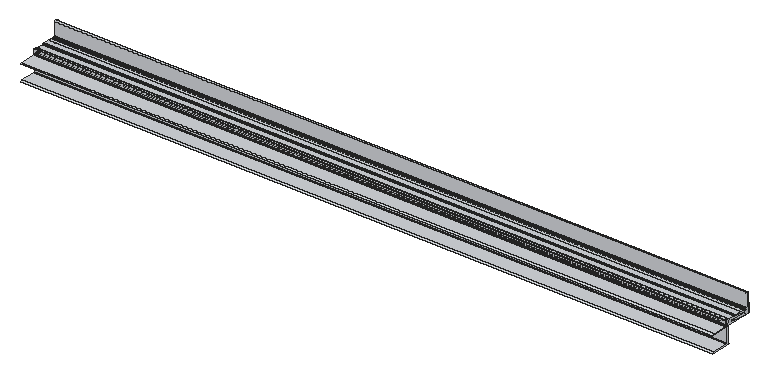
Revit family "Novojunta Pro Metal 80", category Modelos genéricos, Revit 2024
Family settings
  Puede alojar armadura = No
  Cota de conector redondo = Usar diámetro
  Tipo de pieza = Normal
  Corte con vacíos al cargar = No
  Mantener orientación de anotación = No
  Compartido = No
  Punto de cálculo de habitación = No
Parameters
  Posición Junta [instance] = Enrasada/Perimetral : Perimetral
  Perimetral [instance] = Enrasada/Perimetral : Perimetral
  Novojunta Pro Metal 80,  a=80mm, h=80mm, Perimetral [instance] = if(and(Posición Junta = Perimetral, Altura = Altura 80mm), 1 = 1, 1 = 0)  # yes
  Novojunta Pro Metal 80,  a=80mm, h=80mm, Enrasada [instance] = if(and(Posición Junta = Enrasada, Altura = Altura 80mm), 1 = 1, 1 = 0)  # no
  Novojunta Pro Metal 80,  a=80mm, h=50mm, Perimetral [instance] = if(and(Posición Junta = Perimetral, Altura = Altura 50mm), 1 = 1, 1 = 0)  # no
  Novojunta Pro Metal 80, a=80mm, h=50mm, Enrasada [instance] = if(and(Posición Junta = Enrasada, Altura = Altura 50mm), 1 = 1, 1 = 0)  # no
  Novojunta Pro Metal 80,  a=80mm, h=35mm,  Perimetral [instance] = if(and(Posición Junta = Perimetral, Altura = Altura 35mm), 1 = 1, 1 = 0)  # no
  Novojunta Pro Metal 80, a=80mm, h=35mm, Enrasada [instance] = if(and(Posición Junta = Enrasada, Altura = Altura 35mm), 1 = 1, 1 = 0)  # no
  Novojunta Pro Metal 80, a=80mm, h=22mm, Perimetral [instance] = if(and(Posición Junta = Perimetral, Altura = Altura 22mm), 1 = 1, 1 = 0)  # no
  Novojunta Pro Metal 80, a=80mm, h=22mm, Enrasada [instance] = if(and(Posición Junta = Enrasada, Altura = Altura 22mm), 1 = 1, 1 = 0)  # no
  built-in parameter 1001306 [instance] = 2500 mm
  Enrasada [instance] = Enrasada/Perimetral : Enrasada
  Default Elevation = 0 mm
  Anchura [instance] = 80 mm
  Altura 80mm [instance] = Altura : Altura 80mm
  Altura 50mm [instance] = Altura : Altura 50mm
  Altura 35mm [instance] = Altura : Altura 35mm
  Altura 22mm [instance] = Altura : Altura 22mm
  Altura [instance] = Altura : Altura 80mm
Reference planes
  plane 1 "Center (Front/Back)": y = 0
  plane 2: z = 0
  plane 3 "Left": x = 0
  plane 4 "Right": x = 2500
Forms (mm)
  Extrusion 1, solid
    sketch origin (250, 64.526, -14.38) x (0, -1, 0) y (0, 0, 1)
      loop
        line (94.509, -4.862) -> (98.313, -7.512) -> (165.904, -7.512) -> (160.813, -4.712) -> (107.813, -4.712) -> (106.813, -3.712) -> (106.813, 14.488) -> (96.789, 14.488)
        arc (96.789, 14.488) -> (96.293, 14.053) -> (96.66, 13.505) r 0.5
        arc (96.66, 13.505) -> (100.607, 11.194) -> (102.813, 7.188) r 8.608
        line (102.813, 7.188) -> (97.313, 7.188)
        arc (97.313, 7.188) -> (90.941, 5.188) -> (97.313, 3.188) r 3.5
        line (97.313, 3.188) -> (102.813, 3.188)
        arc (102.813, 3.188) -> (99.96, -1.418) -> (94.922, -3.407) r 8.608
        arc (94.922, -3.407) -> (94.197, -3.987) -> (94.509, -4.862) r 0.8
      loop
        line (22.816, -3.197) -> (69.684, 0.326) -> (69.264, 5.91) -> (30.573, 3.002) -> (30.116, 9.085) -> (67.947, 11.929)
        arc (67.947, 11.929) -> (68.406, 12.206) -> (68.234, 12.714) r 0.428
        arc (68.234, 12.714) -> (66.494, 13.799) -> (64.536, 14.406) r 8
        line (64.536, 14.406) -> (21.995, 13.593)
        arc (21.995, 13.593) -> (18.481, 12.735) -> (15.653, 10.481) r 8.408
        line (15.653, 10.481) -> (19.529, 7.763)
        arc (19.529, 7.763) -> (25.883, 5.065) -> (19.364, 2.794) r 3.7
        line (19.364, 2.794) -> (15.225, 0.471)
        arc (15.225, 0.471) -> (18.528, -2.383) -> (22.816, -3.197) r 8.408
      loop
        line (93.811, 13.572) -> (46.943, 10.049) -> (47.355, 4.565) -> (86.054, 7.373) -> (86.503, 1.39) -> (48.672, -1.454)
        arc (48.672, -1.454) -> (48.233, -1.802) -> (48.393, -2.339) r 0.5
        arc (48.393, -2.339) -> (50.132, -3.424) -> (52.09, -4.031) r 8
        line (52.09, -4.031) -> (94.632, -3.218)
        arc (94.632, -3.218) -> (98.145, -2.36) -> (100.974, -0.106) r 8.408
        line (100.974, -0.106) -> (97.098, 2.612)
        arc (97.098, 2.612) -> (90.743, 5.31) -> (97.263, 7.581) r 3.7
        line (97.263, 7.581) -> (101.401, 9.904)
        arc (101.401, 9.904) -> (98.099, 12.758) -> (93.811, 13.572) r 8.408
      loop
        line (19.833, 14.486) -> (13.313, 14.486) -> (12.313, 15.486) -> (12.313, 61.581)
        arc (12.313, 61.581) -> (11.725, 63.964) -> (10.097, 65.799) r 5.122
        arc (10.097, 65.799) -> (9.581, 65.83) -> (9.313, 65.388) r 0.5
        line (9.313, 65.388) -> (9.313, -4.112) -> (19.838, -4.112)
        arc (19.838, -4.112) -> (20.333, -3.677) -> (19.966, -3.129) r 0.5
        arc (19.966, -3.129) -> (16.02, -0.819) -> (13.813, 3.188) r 8.608
        line (13.813, 3.188) -> (19.313, 3.188)
        arc (19.313, 3.188) -> (25.686, 5.188) -> (19.313, 7.188) r 3.5
        line (19.313, 7.188) -> (13.813, 7.188)
        arc (13.813, 7.188) -> (16.018, 11.192) -> (19.962, 13.503) r 8.608
        arc (19.962, 13.503) -> (20.329, 14.052) -> (19.833, 14.486) r 0.5
    from -2250 to 250
  Extrusion 2, solid, visible <- "Novojunta Pro Metal 80, a=80mm, h=22mm, Enrasada"
    sketch origin (250, 64.526, -14.38) x (0, -1, 0) y (0, 0, 1)
      loop
        line (19.838, 14.488) -> (9.813, 14.488) -> (9.813, -3.712) -> (8.813, -4.712) -> (-44.187, -4.712) -> (-49.278, -7.512) -> (18.313, -7.512) -> (22.118, -4.862)
        arc (22.118, -4.862) -> (22.43, -3.987) -> (21.705, -3.407) r 0.8
        arc (21.705, -3.407) -> (16.666, -1.418) -> (13.813, 3.188) r 8.608
        line (13.813, 3.188) -> (19.313, 3.188)
        arc (19.313, 3.188) -> (25.686, 5.188) -> (19.313, 7.188) r 3.5
        line (19.313, 7.188) -> (13.813, 7.188)
        arc (13.813, 7.188) -> (16.02, 11.194) -> (19.966, 13.505) r 8.608
        arc (19.966, 13.505) -> (20.333, 14.053) -> (19.838, 14.488) r 0.5
      loop
        line (94.509, -4.862) -> (98.313, -7.512) -> (165.904, -7.512) -> (160.813, -4.712) -> (107.813, -4.712) -> (106.813, -3.712) -> (106.813, 14.488) -> (96.789, 14.488)
        arc (96.789, 14.488) -> (96.293, 14.053) -> (96.66, 13.505) r 0.5
        arc (96.66, 13.505) -> (100.607, 11.194) -> (102.813, 7.188) r 8.608
        line (102.813, 7.188) -> (97.313, 7.188)
        arc (97.313, 7.188) -> (90.941, 5.188) -> (97.313, 3.188) r 3.5
        line (97.313, 3.188) -> (102.813, 3.188)
        arc (102.813, 3.188) -> (99.96, -1.418) -> (94.922, -3.407) r 8.608
        arc (94.922, -3.407) -> (94.197, -3.987) -> (94.509, -4.862) r 0.8
      loop
        line (22.816, -3.197) -> (69.684, 0.326) -> (69.271, 5.811) -> (30.573, 3.002) -> (30.116, 9.085) -> (67.947, 11.929)
        arc (67.947, 11.929) -> (68.406, 12.206) -> (68.234, 12.714) r 0.428
        arc (68.234, 12.714) -> (66.494, 13.799) -> (64.536, 14.406) r 8
        line (64.536, 14.406) -> (22.025, 13.594)
        arc (22.025, 13.594) -> (18.495, 12.742) -> (15.653, 10.481) r 8.408
        line (15.653, 10.481) -> (19.529, 7.763)
        arc (19.529, 7.763) -> (25.883, 5.065) -> (19.364, 2.794) r 3.7
        line (19.364, 2.794) -> (15.225, 0.471)
        arc (15.225, 0.471) -> (18.528, -2.383) -> (22.816, -3.197) r 8.408
      loop
        line (93.811, 13.572) -> (46.943, 10.049) -> (47.355, 4.565) -> (86.054, 7.373) -> (86.503, 1.39) -> (48.68, -1.553)
        arc (48.68, -1.553) -> (48.221, -1.831) -> (48.393, -2.339) r 0.428
        arc (48.393, -2.339) -> (50.132, -3.424) -> (52.09, -4.031) r 8
        line (52.09, -4.031) -> (94.602, -3.219)
        arc (94.602, -3.219) -> (98.132, -2.367) -> (100.974, -0.106) r 8.408
        line (100.974, -0.106) -> (97.098, 2.612)
        arc (97.098, 2.612) -> (90.743, 5.31) -> (97.263, 7.581) r 3.7
        line (97.263, 7.581) -> (101.401, 9.904)
        arc (101.401, 9.904) -> (98.099, 12.758) -> (93.811, 13.572) r 8.408
    from -2250 to 250
  Extrusion 3, solid, visible <- "Novojunta Pro Metal 80,  a=80mm, h=35mm,  Perimetral"
    sketch origin (250, 63.225, -10.037) x (0, -1, 0) y (0, 0, 1)
      loop
        arc (103.296, -10.174) -> (103.42, -9.396) -> (103.78, -8.696) r 2.5
        line (103.78, -8.696) -> (106.112, -5.516)
        arc (106.112, -5.516) -> (106.472, -4.815) -> (106.596, -4.037) r 2.5
        line (106.596, -4.037) -> (106.596, 10.144) -> (96.072, 10.144)
        arc (96.072, 10.144) -> (95.576, 9.709) -> (95.943, 9.161) r 0.5
        arc (95.943, 9.161) -> (99.89, 6.851) -> (102.096, 2.844) r 8.608
        line (102.096, 2.844) -> (96.596, 2.844)
        arc (96.596, 2.844) -> (90.224, 0.844) -> (96.596, -1.156) r 3.5
        line (96.596, -1.156) -> (102.096, -1.156)
        arc (102.096, -1.156) -> (99.434, -5.597) -> (94.705, -7.707) r 8.608
        arc (94.705, -7.707) -> (94.018, -8.315) -> (94.353, -9.168) r 0.8
        line (94.353, -9.168) -> (98.681, -10.492)
        arc (98.681, -10.492) -> (99.704, -11.215) -> (100.096, -12.404) r 2
        line (100.096, -12.404) -> (100.096, -21.056) -> (97.296, -22.756) -> (97.296, -24.856) -> (168.496, -24.856) -> (162.496, -21.856) -> (105.296, -21.856) -> (103.296, -19.856) -> (103.296, -10.174)
      loop
        arc (66.921, 8.343) -> (65.183, 9.428) -> (63.225, 10.037) r 8
        line (63.225, 10.037) -> (20.683, 9.25)
        arc (20.683, 9.25) -> (17.169, 8.394) -> (14.339, 6.141) r 8.408
        line (14.339, 6.141) -> (18.213, 3.421)
        arc (18.213, 3.421) -> (24.566, 0.719) -> (18.045, -1.547) r 3.7
        line (18.045, -1.547) -> (13.905, -3.868)
        arc (13.905, -3.868) -> (17.206, -6.724) -> (21.493, -7.54) r 8.408
        line (21.493, -7.54) -> (22.989, -7.429) -> (68.363, -4.047) -> (67.947, 1.538) -> (29.255, -1.346) -> (28.801, 4.737) -> (66.634, 7.557)
        arc (66.634, 7.557) -> (67.093, 7.834) -> (66.921, 8.343) r 0.428
      loop
        arc (47.958, -5.868) -> (47.499, -6.146) -> (47.671, -6.654) r 0.428
        arc (47.671, -6.654) -> (49.41, -7.74) -> (51.367, -8.348) r 8
        line (51.367, -8.348) -> (93.909, -7.562)
        arc (93.909, -7.562) -> (97.424, -6.706) -> (100.253, -4.453) r 8.408
        line (100.253, -4.453) -> (96.379, -1.733)
        arc (96.379, -1.733) -> (90.026, 0.969) -> (96.547, 3.236) r 3.7
        line (96.547, 3.236) -> (100.687, 5.557)
        arc (100.687, 5.557) -> (97.386, 8.412) -> (93.099, 9.229) r 8.408
        line (93.099, 9.229) -> (91.603, 9.117) -> (46.229, 5.735) -> (46.638, 0.25) -> (85.33, 3.135) -> (85.784, -2.949) -> (47.958, -5.868)
      loop
        line (18.516, 10.143) -> (11.996, 10.143) -> (10.996, 11.143) -> (10.996, 57.238)
        arc (10.996, 57.238) -> (10.408, 59.62) -> (8.78, 61.456) r 5.122
        arc (8.78, 61.456) -> (8.264, 61.487) -> (7.996, 61.044) r 0.5
        line (7.996, 61.044) -> (7.996, -8.456) -> (18.521, -8.456)
        arc (18.521, -8.456) -> (19.016, -8.021) -> (18.649, -7.473) r 0.5
        arc (18.649, -7.473) -> (14.702, -5.162) -> (12.496, -1.156) r 8.608
        line (12.496, -1.156) -> (17.996, -1.156)
        arc (17.996, -1.156) -> (24.368, 0.844) -> (17.996, 2.844) r 3.5
        line (17.996, 2.844) -> (12.496, 2.844)
        arc (12.496, 2.844) -> (14.701, 6.849) -> (18.645, 9.16) r 8.608
        arc (18.645, 9.16) -> (19.012, 9.708) -> (18.516, 10.143) r 0.5
    from -2250 to 250
  Extrusion 4, solid, visible <- "Novojunta Pro Metal 80, a=80mm, h=35mm, Enrasada"
    sketch origin (250, 63.225, -10.037) x (0, -1, 0) y (0, 0, 1)
      loop
        arc (20.239, -9.168) -> (20.574, -8.315) -> (19.887, -7.707) r 0.8
        arc (19.887, -7.707) -> (15.159, -5.597) -> (12.496, -1.156) r 8.608
        line (12.496, -1.156) -> (17.996, -1.156)
        arc (17.996, -1.156) -> (24.368, 0.844) -> (17.996, 2.844) r 3.5
        line (17.996, 2.844) -> (12.496, 2.844)
        arc (12.496, 2.844) -> (14.702, 6.851) -> (18.649, 9.161) r 8.608
        arc (18.649, 9.161) -> (19.016, 9.709) -> (18.521, 10.144) r 0.5
        line (18.521, 10.144) -> (7.996, 10.144) -> (7.996, -4.037)
        arc (7.996, -4.037) -> (8.12, -4.815) -> (8.48, -5.516) r 2.5
        line (8.48, -5.516) -> (10.812, -8.696)
        arc (10.812, -8.696) -> (11.172, -9.396) -> (11.296, -10.174) r 2.5
        line (11.296, -10.174) -> (11.296, -19.856) -> (9.296, -21.856) -> (-47.904, -21.856) -> (-53.904, -24.856) -> (17.296, -24.856) -> (17.296, -22.756) -> (14.496, -21.056) -> (14.496, -12.404)
        arc (14.496, -12.404) -> (14.888, -11.215) -> (15.911, -10.492) r 2
        line (15.911, -10.492) -> (20.239, -9.168)
      loop
        arc (94.705, -7.707) -> (94.018, -8.315) -> (94.353, -9.168) r 0.8
        line (94.353, -9.168) -> (98.681, -10.492)
        arc (98.681, -10.492) -> (99.704, -11.215) -> (100.096, -12.404) r 2
        line (100.096, -12.404) -> (100.096, -21.056) -> (97.296, -22.756) -> (97.296, -24.856) -> (168.496, -24.856) -> (162.496, -21.856) -> (105.296, -21.856) -> (103.296, -19.856) -> (103.296, -10.174)
        arc (103.296, -10.174) -> (103.42, -9.396) -> (103.78, -8.696) r 2.5
        line (103.78, -8.696) -> (106.112, -5.516)
        arc (106.112, -5.516) -> (106.472, -4.815) -> (106.596, -4.037) r 2.5
        line (106.596, -4.037) -> (106.596, 10.144) -> (96.072, 10.144)
        arc (96.072, 10.144) -> (95.576, 9.709) -> (95.943, 9.161) r 0.5
        arc (95.943, 9.161) -> (99.89, 6.851) -> (102.096, 2.844) r 8.608
        line (102.096, 2.844) -> (96.596, 2.844)
        arc (96.596, 2.844) -> (90.224, 0.844) -> (96.596, -1.156) r 3.5
        line (96.596, -1.156) -> (102.096, -1.156)
        arc (102.096, -1.156) -> (99.434, -5.597) -> (94.705, -7.707) r 8.608
      loop
        arc (66.634, 7.557) -> (67.093, 7.834) -> (66.921, 8.343) r 0.428
        arc (66.921, 8.343) -> (65.183, 9.428) -> (63.225, 10.037) r 8
        line (63.225, 10.037) -> (20.683, 9.25)
        arc (20.683, 9.25) -> (17.169, 8.394) -> (14.339, 6.141) r 8.408
        line (14.339, 6.141) -> (18.213, 3.421)
        arc (18.213, 3.421) -> (24.566, 0.719) -> (18.045, -1.547) r 3.7
        line (18.045, -1.547) -> (13.905, -3.868)
        arc (13.905, -3.868) -> (17.206, -6.724) -> (21.493, -7.54) r 8.408
        line (21.493, -7.54) -> (68.363, -4.047) -> (67.947, 1.538) -> (29.255, -1.346) -> (28.801, 4.737) -> (66.634, 7.557)
      loop
        arc (47.958, -5.868) -> (47.499, -6.146) -> (47.671, -6.654) r 0.428
        arc (47.671, -6.654) -> (49.41, -7.74) -> (51.367, -8.348) r 8
        line (51.367, -8.348) -> (93.879, -7.563)
        arc (93.879, -7.563) -> (97.41, -6.712) -> (100.253, -4.453) r 8.408
        line (100.253, -4.453) -> (96.379, -1.733)
        arc (96.379, -1.733) -> (90.026, 0.969) -> (96.547, 3.236) r 3.7
        line (96.547, 3.236) -> (100.687, 5.557)
        arc (100.687, 5.557) -> (97.386, 8.412) -> (93.099, 9.229) r 8.408
        line (93.099, 9.229) -> (46.229, 5.735) -> (46.638, 0.25) -> (85.33, 3.135) -> (85.791, -3.048) -> (47.958, -5.868)
    from -2250 to 250
  Extrusion 5, solid, visible <- "Novojunta Pro Metal 80,  a=80mm, h=50mm, Perimetral"
    sketch origin (271.946, 58.847, -22.141) x (0, -1, 0) y (0, 0, 1)
      loop
        arc (10.143, -0.339) -> (10.535, 0.851) -> (11.558, 1.574) r 2
        line (11.558, 1.574) -> (15.886, 2.897)
        arc (15.886, 2.897) -> (16.221, 3.751) -> (15.534, 4.358) r 0.8
        arc (15.534, 4.358) -> (10.805, 6.468) -> (8.143, 10.91) r 8.608
        line (8.143, 10.91) -> (13.643, 10.91)
        arc (13.643, 10.91) -> (20.015, 12.91) -> (13.643, 14.91) r 3.5
        line (13.643, 14.91) -> (8.143, 14.91)
        arc (8.143, 14.91) -> (10.349, 18.916) -> (14.296, 21.227) r 8.608
        arc (14.296, 21.227) -> (14.663, 21.775) -> (14.167, 22.21) r 0.5
        line (14.167, 22.21) -> (3.643, 22.21) -> (3.643, 7.967)
        arc (3.643, 7.967) -> (3.75, 7.242) -> (4.063, 6.58) r 2.5
        line (4.063, 6.58) -> (6.223, 3.34)
        arc (6.223, 3.34) -> (6.536, 2.677) -> (6.643, 1.953) r 2.5
        line (6.643, 1.953) -> (6.643, -22.79) -> (4.643, -24.79) -> (-52.257, -24.79) -> (-58.257, -27.79) -> (12.943, -27.79) -> (12.943, -25.69) -> (10.143, -23.99) -> (10.143, -0.339)
      loop
        line (17.153, 4.526) -> (64.017, 8.092) -> (63.6, 13.576) -> (24.912, 10.632) -> (24.449, 16.715) -> (62.278, 19.593)
        arc (62.278, 19.593) -> (62.717, 19.941) -> (62.556, 20.479) r 0.5
        arc (62.556, 20.479) -> (60.816, 21.562) -> (58.857, 22.167) r 8
        line (58.857, 22.167) -> (16.347, 21.316)
        arc (16.347, 21.316) -> (12.817, 20.461) -> (9.978, 18.197) r 8.408
        line (9.978, 18.197) -> (13.856, 15.483)
        arc (13.856, 15.483) -> (20.213, 12.79) -> (13.696, 10.514) r 3.7
        line (13.696, 10.514) -> (9.559, 8.187)
        arc (9.559, 8.187) -> (12.864, 5.336) -> (17.153, 4.526) r 8.408
      loop
        line (87.291, 21.195) -> (40.426, 17.63) -> (40.85, 12.049) -> (79.539, 14.993) -> (79.994, 9.006) -> (42.165, 6.128)
        arc (42.165, 6.128) -> (41.707, 5.85) -> (41.879, 5.342) r 0.428
        arc (41.879, 5.342) -> (43.62, 4.259) -> (45.578, 3.654) r 8
        line (45.578, 3.654) -> (88.119, 4.506)
        arc (88.119, 4.506) -> (91.632, 5.367) -> (94.458, 7.624) r 8.408
        line (94.458, 7.624) -> (90.58, 10.338)
        arc (90.58, 10.338) -> (84.223, 13.031) -> (90.74, 15.307) r 3.7
        line (90.74, 15.307) -> (94.88, 17.636)
        arc (94.88, 17.636) -> (91.583, 20.477) -> (87.291, 21.195) r 8.079
      loop
        line (97.793, 69.305) -> (97.793, 23.21) -> (96.793, 22.21) -> (90.273, 22.21)
        arc (90.273, 22.21) -> (89.777, 21.775) -> (90.144, 21.227) r 0.5
        arc (90.144, 21.227) -> (94.088, 18.916) -> (96.293, 14.911) r 8.608
        line (96.293, 14.911) -> (90.793, 14.911)
        arc (90.793, 14.911) -> (84.421, 12.911) -> (90.793, 10.911) r 3.5
        line (90.793, 10.911) -> (96.293, 10.911)
        arc (96.293, 10.911) -> (94.087, 6.905) -> (90.14, 4.594) r 8.608
        arc (90.14, 4.594) -> (89.773, 4.046) -> (90.269, 3.611) r 0.5
        line (90.269, 3.611) -> (100.793, 3.611) -> (100.793, 73.111)
        arc (100.793, 73.111) -> (100.526, 73.554) -> (100.009, 73.523) r 0.5
        arc (100.009, 73.523) -> (98.381, 71.687) -> (97.793, 69.305) r 5.122
    from -2228.054 to 271.946
  Extrusion 6, solid, visible <- "Novojunta Pro Metal 80, a=80mm, h=50mm, Enrasada"
    sketch origin (251.946, 324.892, -171.289) x (0, -1, 0) y (0, 0, 1)
      loop
        arc (276.188, 148.809) -> (276.58, 149.999) -> (277.603, 150.722) r 2
        line (277.603, 150.722) -> (281.931, 152.045)
        arc (281.931, 152.045) -> (282.266, 152.899) -> (281.579, 153.506) r 0.8
        arc (281.579, 153.506) -> (276.85, 155.616) -> (274.188, 160.058) r 8.608
        line (274.188, 160.058) -> (279.688, 160.058)
        arc (279.688, 160.058) -> (286.06, 162.058) -> (279.688, 164.058) r 3.5
        line (279.688, 164.058) -> (274.188, 164.058)
        arc (274.188, 164.058) -> (276.394, 168.064) -> (280.341, 170.375) r 8.608
        arc (280.341, 170.375) -> (280.708, 170.923) -> (280.212, 171.358) r 0.5
        line (280.212, 171.358) -> (269.688, 171.358) -> (269.688, 157.115)
        arc (269.688, 157.115) -> (269.795, 156.39) -> (270.108, 155.728) r 2.5
        line (270.108, 155.728) -> (272.268, 152.488)
        arc (272.268, 152.488) -> (272.58, 151.825) -> (272.688, 151.101) r 2.5
        line (272.688, 151.101) -> (272.688, 126.358) -> (270.688, 124.358) -> (213.788, 124.358) -> (207.788, 121.358) -> (278.988, 121.358) -> (278.988, 123.458) -> (276.188, 125.158) -> (276.188, 148.809)
      loop
        line (356.045, 152.045) -> (360.373, 150.722)
        arc (360.373, 150.722) -> (361.395, 149.999) -> (361.788, 148.809) r 2
        line (361.788, 148.809) -> (361.788, 125.158) -> (358.988, 123.458) -> (358.988, 121.358) -> (430.188, 121.358) -> (424.188, 124.358) -> (367.288, 124.358) -> (365.288, 126.358) -> (365.288, 151.101)
        arc (365.288, 151.101) -> (365.395, 151.825) -> (365.708, 152.488) r 2.5
        line (365.708, 152.488) -> (367.868, 155.728)
        arc (367.868, 155.728) -> (368.18, 156.39) -> (368.288, 157.115) r 2.5
        line (368.288, 157.115) -> (368.288, 171.358) -> (357.763, 171.358)
        arc (357.763, 171.358) -> (357.268, 170.923) -> (357.635, 170.375) r 0.5
        arc (357.635, 170.375) -> (361.582, 168.064) -> (363.788, 164.058) r 8.608
        line (363.788, 164.058) -> (358.288, 164.058)
        arc (358.288, 164.058) -> (351.915, 162.058) -> (358.288, 160.058) r 3.5
        line (358.288, 160.058) -> (363.788, 160.058)
        arc (363.788, 160.058) -> (361.125, 155.616) -> (356.397, 153.506) r 8.608
        arc (356.397, 153.506) -> (355.71, 152.899) -> (356.045, 152.045) r 0.8
      loop
        line (283.185, 153.673) -> (284.681, 153.785) -> (330.055, 157.167) -> (329.646, 162.652) -> (290.954, 159.767) -> (290.493, 165.95) -> (328.326, 168.77)
        arc (328.326, 168.77) -> (328.785, 169.048) -> (328.613, 169.556) r 0.428
        arc (328.613, 169.556) -> (326.874, 170.642) -> (324.916, 171.25) r 8
        line (324.916, 171.25) -> (282.375, 170.464)
        arc (282.375, 170.464) -> (278.86, 169.608) -> (276.031, 167.355) r 8.408
        line (276.031, 167.355) -> (279.905, 164.635)
        arc (279.905, 164.635) -> (286.258, 161.933) -> (279.737, 159.666) r 3.7
        line (279.737, 159.666) -> (275.597, 157.345)
        arc (275.597, 157.345) -> (278.898, 154.49) -> (283.185, 153.673) r 8.408
      loop
        line (354.79, 170.442) -> (353.295, 170.331) -> (307.921, 166.949) -> (308.337, 161.364) -> (347.029, 164.248) -> (347.475, 158.265) -> (309.65, 155.345)
        arc (309.65, 155.345) -> (309.191, 155.068) -> (309.363, 154.559) r 0.428
        arc (309.363, 154.559) -> (311.101, 153.474) -> (313.059, 152.865) r 8
        line (313.059, 152.865) -> (355.601, 153.652)
        arc (355.601, 153.652) -> (359.115, 154.508) -> (361.945, 156.761) r 8.408
        line (361.945, 156.761) -> (358.07, 159.481)
        arc (358.07, 159.481) -> (351.718, 162.183) -> (358.239, 164.449) r 3.7
        line (358.239, 164.449) -> (362.379, 166.77)
        arc (362.379, 166.77) -> (359.078, 169.626) -> (354.79, 170.442) r 8.408
    from -2248.054 to 251.946
  Extrusion 7, solid, visible <- "Novojunta Pro Metal 80,  a=80mm, h=80mm, Perimetral"
    sketch origin (271.946, 284.653, 182.302) x (0, -1, 0) y (0, 0, 1)
      loop
        line (314.987, -201.503) -> (319.433, -202.862)
        arc (319.433, -202.862) -> (320.456, -203.585) -> (320.849, -204.775) r 2
        line (320.849, -204.775) -> (320.849, -258.433) -> (318.049, -260.133) -> (318.049, -262.233) -> (388.896, -262.233) -> (383.249, -258.233) -> (326.849, -258.233) -> (324.849, -256.233) -> (324.849, -202.531)
        arc (324.849, -202.531) -> (324.967, -201.771) -> (325.311, -201.082) r 2.5
        line (325.311, -201.082) -> (327.586, -197.883)
        arc (327.586, -197.883) -> (327.93, -197.195) -> (328.049, -196.435) r 2.5
        line (328.049, -196.435) -> (328.049, -182.233) -> (317.524, -182.233)
        arc (317.524, -182.233) -> (317.029, -182.668) -> (317.396, -183.216) r 0.5
        arc (317.396, -183.216) -> (321.342, -185.527) -> (323.549, -189.533) r 8.608
        line (323.549, -189.533) -> (318.049, -189.533)
        arc (318.049, -189.533) -> (311.676, -191.533) -> (318.049, -193.533) r 3.5
        line (318.049, -193.533) -> (323.549, -193.533)
        arc (323.549, -193.533) -> (320.642, -198.183) -> (315.517, -200.134) r 8.608
        arc (315.517, -200.134) -> (314.803, -200.644) -> (314.987, -201.503) r 0.8
      loop
        line (314.541, -183.149) -> (267.675, -186.704) -> (268.099, -192.288) -> (306.788, -189.353) -> (307.241, -195.336) -> (269.412, -198.205)
        arc (269.412, -198.205) -> (268.973, -198.554) -> (269.133, -199.091) r 0.5
        arc (269.133, -199.091) -> (270.874, -200.174) -> (272.832, -200.78) r 8
        line (272.832, -200.78) -> (315.373, -199.938)
        arc (315.373, -199.938) -> (318.886, -199.078) -> (321.713, -196.822) r 8.408
        line (321.713, -196.822) -> (317.835, -194.106)
        arc (317.835, -194.106) -> (311.478, -191.413) -> (317.997, -189.138) r 3.7
        line (317.997, -189.138) -> (322.133, -186.811)
        arc (322.133, -186.811) -> (318.829, -183.96) -> (314.541, -183.149) r 8.408
      loop
        line (241.557, -199.917) -> (288.422, -196.362) -> (288.014, -190.978) -> (249.325, -193.912) -> (248.856, -187.73) -> (286.685, -184.861)
        arc (286.685, -184.861) -> (287.125, -184.512) -> (286.964, -183.975) r 0.5
        arc (286.964, -183.975) -> (285.224, -182.891) -> (283.266, -182.286) r 8
        line (283.266, -182.286) -> (240.725, -183.127)
        arc (240.725, -183.127) -> (237.212, -183.988) -> (234.385, -186.244) r 8.408
        line (234.385, -186.244) -> (238.263, -188.959)
        arc (238.263, -188.959) -> (244.619, -191.653) -> (238.101, -193.928) r 3.7
        line (238.101, -193.928) -> (233.964, -196.254)
        arc (233.964, -196.254) -> (237.268, -199.106) -> (241.557, -199.917) r 8.408
      loop
        line (238.569, -182.234) -> (232.049, -182.234) -> (231.049, -181.234) -> (231.049, -135.139)
        arc (231.049, -135.139) -> (230.461, -132.757) -> (228.832, -130.921) r 5.122
        arc (228.832, -130.921) -> (228.316, -130.89) -> (228.049, -131.333) r 0.5
        line (228.049, -131.333) -> (228.049, -200.833) -> (238.573, -200.833)
        arc (238.573, -200.833) -> (239.069, -200.398) -> (238.702, -199.85) r 0.5
        arc (238.702, -199.85) -> (234.755, -197.539) -> (232.549, -193.533) r 8.608
        line (232.549, -193.533) -> (238.049, -193.533)
        arc (238.049, -193.533) -> (244.421, -191.533) -> (238.049, -189.533) r 3.5
        line (238.049, -189.533) -> (232.549, -189.533)
        arc (232.549, -189.533) -> (234.754, -185.528) -> (238.698, -183.217) r 8.608
        arc (238.698, -183.217) -> (239.064, -182.669) -> (238.569, -182.234) r 0.5
    from -2228.054 to 271.946
  Extrusion 8, solid, visible <- "Novojunta Pro Metal 80,  a=80mm, h=80mm, Enrasada"
    sketch origin (271.946, 295.26, 192.909) x (0, -1, 0) y (0, 0, 1)
      loop
        arc (245.855, -215.382) -> (246.248, -214.192) -> (247.271, -213.469) r 2
        line (247.271, -213.469) -> (251.717, -212.11)
        arc (251.717, -212.11) -> (251.901, -211.251) -> (251.187, -210.741) r 0.8
        arc (251.187, -210.741) -> (246.062, -208.79) -> (243.155, -204.139) r 8.608
        line (243.155, -204.139) -> (248.655, -204.139)
        arc (248.655, -204.139) -> (255.028, -202.139) -> (248.655, -200.139) r 3.5
        line (248.655, -200.139) -> (243.155, -200.139)
        arc (243.155, -200.139) -> (245.362, -196.133) -> (249.309, -193.823) r 8.608
        arc (249.309, -193.823) -> (249.675, -193.274) -> (249.18, -192.839) r 0.5
        line (249.18, -192.839) -> (238.655, -192.839) -> (238.655, -207.041)
        arc (238.655, -207.041) -> (238.774, -207.802) -> (239.118, -208.49) r 2.5
        line (239.118, -208.49) -> (241.393, -211.689)
        arc (241.393, -211.689) -> (241.737, -212.377) -> (241.855, -213.138) r 2.5
        line (241.855, -213.138) -> (241.855, -266.839) -> (239.855, -268.839) -> (183.455, -268.839) -> (177.808, -272.839) -> (248.655, -272.839) -> (248.655, -270.739) -> (245.855, -269.039) -> (245.855, -215.382)
      loop
        line (325.594, -212.11) -> (330.04, -213.469)
        arc (330.04, -213.469) -> (331.063, -214.192) -> (331.455, -215.382) r 2
        line (331.455, -215.382) -> (331.455, -269.039) -> (328.655, -270.739) -> (328.655, -272.839) -> (399.502, -272.839) -> (393.855, -268.839) -> (337.455, -268.839) -> (335.455, -266.839) -> (335.455, -213.138)
        arc (335.455, -213.138) -> (335.574, -212.377) -> (335.918, -211.689) r 2.5
        line (335.918, -211.689) -> (338.193, -208.49)
        arc (338.193, -208.49) -> (338.537, -207.802) -> (338.655, -207.041) r 2.5
        line (338.655, -207.041) -> (338.655, -192.839) -> (328.131, -192.839)
        arc (328.131, -192.839) -> (327.635, -193.274) -> (328.002, -193.823) r 0.5
        arc (328.002, -193.823) -> (331.949, -196.133) -> (334.155, -200.139) r 8.608
        line (334.155, -200.139) -> (328.655, -200.139)
        arc (328.655, -200.139) -> (322.283, -202.139) -> (328.655, -204.139) r 3.5
        line (328.655, -204.139) -> (334.155, -204.139)
        arc (334.155, -204.139) -> (331.249, -208.79) -> (326.124, -210.741) r 8.608
        arc (326.124, -210.741) -> (325.409, -211.251) -> (325.594, -212.11) r 0.8
      loop
        line (325.147, -193.756) -> (323.652, -193.869) -> (278.282, -197.31) -> (278.698, -202.794) -> (317.387, -199.86) -> (317.848, -205.943) -> (280.019, -208.812)
        arc (280.019, -208.812) -> (279.579, -209.16) -> (279.74, -209.697) r 0.5
        arc (279.74, -209.697) -> (281.48, -210.781) -> (283.439, -211.387) r 8
        line (283.439, -211.387) -> (325.949, -210.546)
        arc (325.949, -210.546) -> (329.479, -209.691) -> (332.319, -207.428) r 8.408
        line (332.319, -207.428) -> (328.441, -204.713)
        arc (328.441, -204.713) -> (322.085, -202.019) -> (328.603, -199.744) r 3.7
        line (328.603, -199.744) -> (332.74, -197.418)
        arc (332.74, -197.418) -> (329.436, -194.567) -> (325.147, -193.756) r 8.408
      loop
        line (252.163, -210.523) -> (253.659, -210.41) -> (299.029, -206.969) -> (298.613, -201.485) -> (259.924, -204.419) -> (259.463, -198.336) -> (297.292, -195.467)
        arc (297.292, -195.467) -> (297.731, -195.119) -> (297.571, -194.582) r 0.5
        arc (297.571, -194.582) -> (295.831, -193.498) -> (293.872, -192.892) r 8
        line (293.872, -192.892) -> (251.361, -193.733)
        arc (251.361, -193.733) -> (247.832, -194.588) -> (244.991, -196.851) r 8.408
        line (244.991, -196.851) -> (248.869, -199.566)
        arc (248.869, -199.566) -> (255.226, -202.26) -> (248.708, -204.535) r 3.7
        line (248.708, -204.535) -> (244.571, -206.861)
        arc (244.571, -206.861) -> (247.875, -209.712) -> (252.163, -210.523) r 8.408
    from -2228.054 to 271.946
Lines and regions (mm)
  reference lines
    curve 1: line (0, 0, 0) -> (2500, 0, 0)
Dimensions and locks
  "built-in parameter 1001306": plane 3 "Left" to plane 4 "Right"
  aligned and locked: plane 4 "Right" to curve 1
  aligned and locked: plane 1 "Center (Front/Back)" to curve 1
  aligned and locked: plane 3 "Left" to curve 1
  aligned and locked: level to plane 2
  aligned and locked: Extrusion 6 to plane 3 "Left"
  aligned and locked: Extrusion 6 to curve 1
  aligned and locked: Extrusion 2 to curve 1
  aligned and locked: Extrusion 2 to plane 3 "Left"
  aligned and locked: Extrusion 5 to curve 1
  aligned and locked: Extrusion 5 to plane 3 "Left"
  aligned and locked: Extrusion 8 to curve 1
  aligned and locked: Extrusion 8 to plane 3 "Left"
  aligned and locked: Extrusion 4 to curve 1
  aligned and locked: Extrusion 4 to plane 3 "Left"
  aligned and locked: Extrusion 7 to curve 1
  aligned and locked: Extrusion 7 to plane 3 "Left"
  aligned and locked: Extrusion 1 to curve 1
  aligned and locked: Extrusion 1 to plane 3 "Left"
  aligned and locked: Extrusion 3 to curve 1
  aligned and locked: Extrusion 3 to plane 3 "Left"
Automatic sketch dimensions
  Extrusion 1 sketch curve to Extrusion 1 sketch curve = 0 mm  (x62)
  Extrusion 1 sketch curve to plane 1 "Center (Front/Back)" = 57.335 mm
  Extrusion 1 sketch curve to plane 1 "Center (Front/Back)" = 55.213 mm
  Extrusion 1 sketch curve to Extrusion 1 sketch curve = 0.5 mm  (x4)
  Extrusion 1 sketch curve to Extrusion 1 sketch curve = 3 mm
  Extrusion 1 sketch curve to Extrusion 1 sketch curve = 1 mm  (x4)
  Extrusion 1 sketch curve to Extrusion 1 sketch curve = 1.412 mm  (x2)
  Extrusion 1 sketch curve to Extrusion 1 sketch curve = 1.84 mm  (x2)
  Extrusion 1 sketch curve to Extrusion 1 sketch curve = 3.66 mm
  Extrusion 1 sketch curve to Extrusion 1 sketch curve = 0.051 mm  (x2)
  Extrusion 1 sketch curve to Extrusion 1 sketch curve = 0.216 mm  (x2)
  Extrusion 1 sketch curve to Extrusion 1 sketch curve = 4.18 mm
  Extrusion 1 sketch curve to Extrusion 1 sketch curve = 4.612 mm
  Extrusion 1 sketch curve to Extrusion 1 sketch curve = 2.162 mm
  Extrusion 1 sketch curve to Extrusion 1 sketch curve = 2.872 mm
  Extrusion 1 sketch curve to Extrusion 1 sketch curve = 2.978 mm  (x2)
  Extrusion 1 sketch curve to Extrusion 1 sketch curve = 7.93 mm
  Extrusion 1 sketch curve to Extrusion 1 sketch curve = 0.457 mm  (x2)
  Extrusion 1 sketch curve to Extrusion 1 sketch curve = 16.827 mm
  Extrusion 1 sketch curve to Extrusion 1 sketch curve = 0.412 mm
  Extrusion 1 sketch curve to Extrusion 1 sketch curve = 1.317 mm
  Extrusion 1 sketch curve to Extrusion 1 sketch curve = 0.037 mm
  Extrusion 1 sketch curve to Extrusion 1 sketch curve = 3.381 mm
  Extrusion 1 sketch curve to Extrusion 1 sketch curve = 6.106 mm
  Extrusion 1 sketch curve to plane 1 "Center (Front/Back)" = 1.36 mm
  plane 1 "Center (Front/Back)" to Extrusion 1 sketch curve = 0.01 mm
  plane 1 "Center (Front/Back)" to Extrusion 1 sketch curve = 3.421 mm
  Extrusion 1 sketch curve to Extrusion 1 sketch curve = 0.056 mm
  plane 1 "Center (Front/Back)" to Extrusion 1 sketch curve = 4.738 mm
  plane 1 "Center (Front/Back)" to Extrusion 1 sketch curve = 5.158 mm
  Extrusion 1 sketch curve to Extrusion 1 sketch curve = 16.79 mm
  Extrusion 1 sketch curve to Extrusion 1 sketch curve = 0.45 mm
  Extrusion 1 sketch curve to Extrusion 1 sketch curve = 7.757 mm
  Extrusion 1 sketch curve to Extrusion 1 sketch curve = 0.63 mm
  Extrusion 1 sketch curve to Extrusion 1 sketch curve = 0.068 mm
  Extrusion 1 sketch curve to Extrusion 1 sketch curve = 0.123 mm
  Extrusion 1 sketch curve to Extrusion 1 sketch curve = 2.657 mm
  Extrusion 1 sketch curve to Extrusion 1 sketch curve = 2.822 mm
  Extrusion 1 sketch curve to Extrusion 1 sketch curve = 3.804 mm
  Extrusion 1 sketch curve to Extrusion 1 sketch curve = 3.876 mm
  Extrusion 1 sketch curve to Extrusion 1 sketch curve = 4.138 mm
  Extrusion 1 sketch curve to Extrusion 1 sketch curve = 5.412 mm
  Extrusion 1 sketch curve to Extrusion 1 sketch curve = 53 mm
  Extrusion 1 sketch curve to Extrusion 1 sketch curve = 5.091 mm
  Extrusion 1 sketch curve to level = 21.892 mm
  Extrusion 1 sketch curve to Extrusion 1 sketch curve = 2.65 mm
  Extrusion 1 sketch curve to Extrusion 1 sketch curve = 2.8 mm
  Extrusion 1 sketch curve to Extrusion 1 sketch curve = 0.656 mm
  Extrusion 1 sketch curve to Extrusion 1 sketch curve = 0.75 mm
  Extrusion 1 sketch curve to Extrusion 1 sketch curve = 0.081 mm
  Extrusion 1 sketch curve to Extrusion 1 sketch curve = 0.987 mm
  Extrusion 1 sketch curve to Extrusion 1 sketch curve = 0.416 mm  (x2)
  Extrusion 1 sketch curve to Extrusion 1 sketch curve = 2.079 mm
  Extrusion 1 sketch curve to Extrusion 1 sketch curve = 0.499 mm
  Extrusion 1 sketch curve to Extrusion 1 sketch curve = 3.607 mm
  Extrusion 1 sketch curve to Extrusion 1 sketch curve = 4.357 mm
  Extrusion 1 sketch curve to Extrusion 1 sketch curve = 4.083 mm
  Extrusion 1 sketch curve to Extrusion 1 sketch curve = 3.798 mm
  Extrusion 1 sketch curve to Extrusion 1 sketch curve = 2.575 mm
  Extrusion 1 sketch curve to Extrusion 1 sketch curve = 2.393 mm
  Extrusion 1 sketch curve to Extrusion 1 sketch curve = 0.575 mm
  Extrusion 1 sketch curve to Extrusion 1 sketch curve = 0.393 mm  (x2)
  Extrusion 1 sketch curve to Extrusion 1 sketch curve = 5.304 mm
  Extrusion 1 sketch curve to Extrusion 1 sketch curve = 0.714 mm
  Extrusion 1 sketch curve to Extrusion 1 sketch curve = 0.614 mm
  Extrusion 1 sketch curve to Extrusion 1 sketch curve = 2.717 mm
  Extrusion 1 sketch curve to Extrusion 1 sketch curve = 3.293 mm
  Extrusion 1 sketch curve to Extrusion 1 sketch curve = 0.425 mm
  Extrusion 1 sketch curve to Extrusion 1 sketch curve = 2.053 mm
  Extrusion 1 sketch curve to Extrusion 1 sketch curve = 4.583 mm
  Extrusion 1 sketch curve to Extrusion 1 sketch curve = 46.095 mm
  Extrusion 1 sketch curve to Extrusion 1 sketch curve = 3.806 mm
  Extrusion 2 sketch curve to Extrusion 2 sketch curve = 0 mm  (x64)
  Extrusion 2 sketch curve to plane 1 "Center (Front/Back)" = 113.804 mm
  Extrusion 2 sketch curve to Extrusion 2 sketch curve = 5.091 mm  (x2)
  Extrusion 2 sketch curve to Extrusion 2 sketch curve = 53 mm  (x2)
  Extrusion 2 sketch curve to Extrusion 2 sketch curve = 1 mm  (x4)
  Extrusion 2 sketch curve to Extrusion 2 sketch curve = 4 mm
  Extrusion 2 sketch curve to Extrusion 2 sketch curve = 1.412 mm  (x2)
  Extrusion 2 sketch curve to Extrusion 2 sketch curve = 1.84 mm  (x2)
  Extrusion 2 sketch curve to Extrusion 2 sketch curve = 3.088 mm
  Extrusion 2 sketch curve to Extrusion 2 sketch curve = 3.66 mm
  Extrusion 2 sketch curve to Extrusion 2 sketch curve = 0.051 mm  (x2)
  Extrusion 2 sketch curve to Extrusion 2 sketch curve = 0.216 mm  (x2)
  Extrusion 2 sketch curve to Extrusion 2 sketch curve = 4.185 mm
  Extrusion 2 sketch curve to Extrusion 2 sketch curve = 3.347 mm
  Extrusion 2 sketch curve to Extrusion 2 sketch curve = 0.457 mm  (x3)
  Extrusion 2 sketch curve to Extrusion 2 sketch curve = 2.872 mm
  Extrusion 2 sketch curve to Extrusion 2 sketch curve = 1.155 mm
  Extrusion 2 sketch curve to Extrusion 2 sketch curve = 7.93 mm
  Extrusion 2 sketch curve to Extrusion 2 sketch curve = 16.827 mm
  Extrusion 2 sketch curve to Extrusion 2 sketch curve = 0.412 mm
  Extrusion 2 sketch curve to Extrusion 2 sketch curve = 1.268 mm
  Extrusion 2 sketch curve to Extrusion 2 sketch curve = 0.056 mm  (x2)
  Extrusion 2 sketch curve to Extrusion 2 sketch curve = 3.467 mm
  Extrusion 2 sketch curve to Extrusion 2 sketch curve = 6.106 mm
  Extrusion 2 sketch curve to plane 1 "Center (Front/Back)" = 1.36 mm
  plane 1 "Center (Front/Back)" to Extrusion 2 sketch curve = 0.01 mm
  plane 1 "Center (Front/Back)" to Extrusion 2 sketch curve = 3.421 mm
  plane 1 "Center (Front/Back)" to Extrusion 2 sketch curve = 4.745 mm
  plane 1 "Center (Front/Back)" to Extrusion 2 sketch curve = 5.158 mm
  Extrusion 2 sketch curve to Extrusion 2 sketch curve = 16.782 mm
  Extrusion 2 sketch curve to Extrusion 2 sketch curve = 0.45 mm
  Extrusion 2 sketch curve to Extrusion 2 sketch curve = 7.757 mm
  Extrusion 2 sketch curve to Extrusion 2 sketch curve = 0.63 mm
  Extrusion 2 sketch curve to Extrusion 2 sketch curve = 0.068 mm
  Extrusion 2 sketch curve to Extrusion 2 sketch curve = 0.093 mm
  Extrusion 2 sketch curve to Extrusion 2 sketch curve = 2.978 mm
  Extrusion 2 sketch curve to Extrusion 2 sketch curve = 2.657 mm
  Extrusion 2 sketch curve to Extrusion 2 sketch curve = 2.822 mm
  Extrusion 2 sketch curve to Extrusion 2 sketch curve = 3.804 mm
  Extrusion 2 sketch curve to Extrusion 2 sketch curve = 3.876 mm
  Extrusion 2 sketch curve to Extrusion 2 sketch curve = 4.138 mm
  Extrusion 2 sketch curve to Extrusion 2 sketch curve = 5.84 mm
  Extrusion 2 sketch curve to level = 21.892 mm
  Extrusion 2 sketch curve to Extrusion 2 sketch curve = 2.65 mm  (x2)
  Extrusion 2 sketch curve to Extrusion 2 sketch curve = 2.8 mm  (x2)
  Extrusion 2 sketch curve to Extrusion 2 sketch curve = 0.656 mm  (x2)
  Extrusion 2 sketch curve to Extrusion 2 sketch curve = 0.831 mm
  Extrusion 2 sketch curve to Extrusion 2 sketch curve = 0.987 mm
  Extrusion 2 sketch curve to Extrusion 2 sketch curve = 1.009 mm
  Extrusion 2 sketch curve to Extrusion 2 sketch curve = 2.053 mm  (x2)
  Extrusion 2 sketch curve to Extrusion 2 sketch curve = 0.425 mm  (x2)
  Extrusion 2 sketch curve to Extrusion 2 sketch curve = 3.607 mm
  Extrusion 2 sketch curve to Extrusion 2 sketch curve = 4.357 mm
  Extrusion 2 sketch curve to Extrusion 2 sketch curve = 4.183 mm
  Extrusion 2 sketch curve to Extrusion 2 sketch curve = 3.798 mm
  Extrusion 2 sketch curve to Extrusion 2 sketch curve = 2.575 mm
  Extrusion 2 sketch curve to Extrusion 2 sketch curve = 2.393 mm
  Extrusion 2 sketch curve to Extrusion 2 sketch curve = 2.185 mm
  Extrusion 2 sketch curve to Extrusion 2 sketch curve = 3.293 mm  (x2)
  Extrusion 2 sketch curve to Extrusion 2 sketch curve = 2.717 mm  (x2)
  Extrusion 2 sketch curve to Extrusion 2 sketch curve = 5.404 mm
  Extrusion 2 sketch curve to Extrusion 2 sketch curve = 0.714 mm  (x2)
  Extrusion 2 sketch curve to Extrusion 2 sketch curve = 5.983 mm
  Extrusion 2 sketch curve to Extrusion 2 sketch curve = 6.083 mm
  Extrusion 2 sketch curve to Extrusion 2 sketch curve = 0.416 mm
  Extrusion 2 sketch curve to Extrusion 2 sketch curve = 3.507 mm
  Extrusion 2 sketch curve to Extrusion 2 sketch curve = 0.5 mm
  Extrusion 2 sketch curve to Extrusion 2 sketch curve = 4.007 mm
  Extrusion 2 sketch curve to Extrusion 2 sketch curve = 2.059 mm
  Extrusion 2 sketch curve to Extrusion 2 sketch curve = 0.001 mm
  Extrusion 3 sketch curve to Extrusion 3 sketch curve = 0 mm  (x62)
  Extrusion 3 sketch curve to plane 1 "Center (Front/Back)" = 57.351 mm
  Extrusion 3 sketch curve to plane 1 "Center (Front/Back)" = 55.229 mm
  Extrusion 3 sketch curve to Extrusion 3 sketch curve = 0.5 mm  (x3)
  Extrusion 3 sketch curve to Extrusion 3 sketch curve = 3 mm  (x2)
  Extrusion 3 sketch curve to Extrusion 3 sketch curve = 1 mm  (x2)
  Extrusion 3 sketch curve to Extrusion 3 sketch curve = 4.5 mm
  Extrusion 3 sketch curve to Extrusion 3 sketch curve = 1.409 mm  (x2)
  Extrusion 3 sketch curve to Extrusion 3 sketch curve = 1.843 mm  (x2)
  Extrusion 3 sketch curve to Extrusion 3 sketch curve = 3.657 mm
  Extrusion 3 sketch curve to Extrusion 3 sketch curve = 0.049 mm  (x2)
  Extrusion 3 sketch curve to Extrusion 3 sketch curve = 0.217 mm  (x2)
  Extrusion 3 sketch curve to Extrusion 3 sketch curve = 4.177 mm
  Extrusion 3 sketch curve to Extrusion 3 sketch curve = 4.615 mm
  Extrusion 3 sketch curve to Extrusion 3 sketch curve = 2.167 mm
  Extrusion 3 sketch curve to Extrusion 3 sketch curve = 2.872 mm
  Extrusion 3 sketch curve to Extrusion 3 sketch curve = 2.973 mm  (x2)
  Extrusion 3 sketch curve to Extrusion 3 sketch curve = 1.496 mm  (x2)
  Extrusion 3 sketch curve to Extrusion 3 sketch curve = 7.933 mm
  Extrusion 3 sketch curve to Extrusion 3 sketch curve = 0.453 mm  (x2)
  Extrusion 3 sketch curve to Extrusion 3 sketch curve = 17.428 mm
  Extrusion 3 sketch curve to Extrusion 3 sketch curve = 0.409 mm
  Extrusion 3 sketch curve to Extrusion 3 sketch curve = 1.264 mm
  Extrusion 3 sketch curve to Extrusion 3 sketch curve = 0.057 mm  (x2)
  Extrusion 3 sketch curve to Extrusion 3 sketch curve = 3.466 mm
  Extrusion 3 sketch curve to Extrusion 3 sketch curve = 6.105 mm
  Extrusion 3 sketch curve to plane 1 "Center (Front/Back)" = 1.375 mm
  Extrusion 3 sketch curve to plane 1 "Center (Front/Back)" = 0 mm
  plane 1 "Center (Front/Back)" to Extrusion 3 sketch curve = 3.409 mm
  plane 1 "Center (Front/Back)" to Extrusion 3 sketch curve = 4.722 mm
  plane 1 "Center (Front/Back)" to Extrusion 3 sketch curve = 5.139 mm
  Extrusion 3 sketch curve to Extrusion 3 sketch curve = 17.383 mm
  Extrusion 3 sketch curve to Extrusion 3 sketch curve = 6.273 mm
  Extrusion 3 sketch curve to Extrusion 3 sketch curve = 0.625 mm
  Extrusion 3 sketch curve to Extrusion 3 sketch curve = 0.185 mm
  Extrusion 3 sketch curve to Extrusion 3 sketch curve = 0.444 mm
  Extrusion 3 sketch curve to Extrusion 3 sketch curve = 0.443 mm
  Extrusion 3 sketch curve to Extrusion 3 sketch curve = 2.655 mm
  Extrusion 3 sketch curve to Extrusion 3 sketch curve = 2.823 mm
  Extrusion 3 sketch curve to Extrusion 3 sketch curve = 2.943 mm
  Extrusion 3 sketch curve to Extrusion 3 sketch curve = 3.743 mm
  Extrusion 3 sketch curve to Extrusion 3 sketch curve = 0.585 mm
  Extrusion 3 sketch curve to Extrusion 3 sketch curve = 2.8 mm
  Extrusion 3 sketch curve to Extrusion 3 sketch curve = 3.874 mm
  Extrusion 3 sketch curve to Extrusion 3 sketch curve = 4.14 mm
  Extrusion 3 sketch curve to Extrusion 3 sketch curve = 3.2 mm
  Extrusion 3 sketch curve to Extrusion 3 sketch curve = 0.484 mm
  Extrusion 3 sketch curve to Extrusion 3 sketch curve = 2 mm  (x3)
  Extrusion 3 sketch curve to Extrusion 3 sketch curve = 2.5 mm
  Extrusion 3 sketch curve to Extrusion 3 sketch curve = 2.016 mm
  Extrusion 3 sketch curve to Extrusion 3 sketch curve = 5.909 mm
  Extrusion 3 sketch curve to Extrusion 3 sketch curve = 57.2 mm
  Extrusion 3 sketch curve to Extrusion 3 sketch curve = 6 mm
  Extrusion 3 sketch curve to level = 34.892 mm
  Extrusion 3 sketch curve to Extrusion 3 sketch curve = 2.1 mm
  Extrusion 3 sketch curve to Extrusion 3 sketch curve = 1.7 mm
  Extrusion 3 sketch curve to Extrusion 3 sketch curve = 7.452 mm
  Extrusion 3 sketch curve to Extrusion 3 sketch curve = 2.23 mm
  Extrusion 3 sketch curve to Extrusion 3 sketch curve = 1.323 mm
  Extrusion 3 sketch curve to Extrusion 3 sketch curve = 0.666 mm
  Extrusion 3 sketch curve to Extrusion 3 sketch curve = 0.713 mm
  Extrusion 3 sketch curve to Extrusion 3 sketch curve = 0.108 mm
  Extrusion 3 sketch curve to Extrusion 3 sketch curve = 0.941 mm
  Extrusion 3 sketch curve to Extrusion 3 sketch curve = 0.415 mm  (x2)
  Extrusion 3 sketch curve to Extrusion 3 sketch curve = 0.112 mm
  Extrusion 3 sketch curve to Extrusion 3 sketch curve = 2.055 mm  (x2)
  Extrusion 3 sketch curve to Extrusion 3 sketch curve = 0.425 mm  (x2)
  Extrusion 3 sketch curve to Extrusion 3 sketch curve = 3.18 mm
  Extrusion 3 sketch curve to Extrusion 3 sketch curve = 0.416 mm
  Extrusion 3 sketch curve to Extrusion 3 sketch curve = 4.302 mm
  Extrusion 3 sketch curve to Extrusion 3 sketch curve = 4.088 mm
  Extrusion 3 sketch curve to Extrusion 3 sketch curve = 3.793 mm
  Extrusion 3 sketch curve to Extrusion 3 sketch curve = 2.577 mm
  Extrusion 3 sketch curve to Extrusion 3 sketch curve = 2.392 mm
  Extrusion 3 sketch curve to Extrusion 3 sketch curve = 0.392 mm
  Extrusion 3 sketch curve to Extrusion 3 sketch curve = 2.882 mm
  Extrusion 3 sketch curve to Extrusion 3 sketch curve = 5.401 mm
  Extrusion 3 sketch curve to Extrusion 3 sketch curve = 0.718 mm
  Extrusion 3 sketch curve to Extrusion 3 sketch curve = 0.618 mm
  Extrusion 3 sketch curve to Extrusion 3 sketch curve = 2.712 mm
  Extrusion 3 sketch curve to Extrusion 3 sketch curve = 3.297 mm
  Extrusion 3 sketch curve to Extrusion 3 sketch curve = 0.393 mm
  Extrusion 3 sketch curve to Extrusion 3 sketch curve = 4.588 mm
  Extrusion 3 sketch curve to Extrusion 3 sketch curve = 46.095 mm
  Extrusion 3 sketch curve to Extrusion 3 sketch curve = 3.806 mm
  Extrusion 4 sketch curve to Extrusion 4 sketch curve = 0 mm  (x63)
  Extrusion 4 sketch curve to plane 1 "Center (Front/Back)" = 117.129 mm
  Extrusion 4 sketch curve to Extrusion 4 sketch curve = 6 mm  (x2)
  Extrusion 4 sketch curve to plane 1 "Center (Front/Back)" = 55.229 mm
  Extrusion 4 sketch curve to Extrusion 4 sketch curve = 0.484 mm  (x3)
  Extrusion 4 sketch curve to Extrusion 4 sketch curve = 0.316 mm
  Extrusion 4 sketch curve to Extrusion 4 sketch curve = 0.5 mm
  Extrusion 4 sketch curve to Extrusion 4 sketch curve = 2.016 mm  (x4)
  Extrusion 4 sketch curve to Extrusion 4 sketch curve = 2 mm  (x7)
  Extrusion 4 sketch curve to Extrusion 4 sketch curve = 1.409 mm  (x2)
  Extrusion 4 sketch curve to Extrusion 4 sketch curve = 1.843 mm  (x2)
  Extrusion 4 sketch curve to Extrusion 4 sketch curve = 3.2 mm  (x2)
  Extrusion 4 sketch curve to Extrusion 4 sketch curve = 1.415 mm
  Extrusion 4 sketch curve to Extrusion 4 sketch curve = 0.585 mm  (x2)
  Extrusion 4 sketch curve to Extrusion 4 sketch curve = 2.8 mm  (x2)
  Extrusion 4 sketch curve to Extrusion 4 sketch curve = 4.091 mm
  Extrusion 4 sketch curve to Extrusion 4 sketch curve = 0.049 mm  (x2)
  Extrusion 4 sketch curve to Extrusion 4 sketch curve = 0.217 mm  (x2)
  Extrusion 4 sketch curve to Extrusion 4 sketch curve = 4.181 mm
  Extrusion 4 sketch curve to Extrusion 4 sketch curve = 3.885 mm
  Extrusion 4 sketch curve to Extrusion 4 sketch curve = 0.443 mm  (x2)
  Extrusion 4 sketch curve to Extrusion 4 sketch curve = 2.163 mm
  Extrusion 4 sketch curve to Extrusion 4 sketch curve = 2.872 mm
  Extrusion 4 sketch curve to Extrusion 4 sketch curve = 1.697 mm
  Extrusion 4 sketch curve to Extrusion 4 sketch curve = 7.933 mm
  Extrusion 4 sketch curve to Extrusion 4 sketch curve = 0.453 mm
  Extrusion 4 sketch curve to Extrusion 4 sketch curve = 17.428 mm
  Extrusion 4 sketch curve to Extrusion 4 sketch curve = 0.409 mm
  Extrusion 4 sketch curve to Extrusion 4 sketch curve = 1.264 mm
  Extrusion 4 sketch curve to Extrusion 4 sketch curve = 0.057 mm  (x2)
  Extrusion 4 sketch curve to Extrusion 4 sketch curve = 3.466 mm
  Extrusion 4 sketch curve to Extrusion 4 sketch curve = 6.105 mm
  Extrusion 4 sketch curve to plane 1 "Center (Front/Back)" = 1.375 mm
  Extrusion 4 sketch curve to plane 1 "Center (Front/Back)" = 0 mm
  plane 1 "Center (Front/Back)" to Extrusion 4 sketch curve = 3.409 mm
  plane 1 "Center (Front/Back)" to Extrusion 4 sketch curve = 4.722 mm
  plane 1 "Center (Front/Back)" to Extrusion 4 sketch curve = 5.139 mm
  Extrusion 4 sketch curve to Extrusion 4 sketch curve = 17.383 mm
  Extrusion 4 sketch curve to Extrusion 4 sketch curve = 0.461 mm
  Extrusion 4 sketch curve to Extrusion 4 sketch curve = 7.768 mm
  Extrusion 4 sketch curve to Extrusion 4 sketch curve = 0.625 mm
  Extrusion 4 sketch curve to Extrusion 4 sketch curve = 0.629 mm
  Extrusion 4 sketch curve to Extrusion 4 sketch curve = 2.973 mm
  Extrusion 4 sketch curve to Extrusion 4 sketch curve = 2.655 mm
  Extrusion 4 sketch curve to Extrusion 4 sketch curve = 2.823 mm
  Extrusion 4 sketch curve to Extrusion 4 sketch curve = 2.943 mm
  Extrusion 4 sketch curve to Extrusion 4 sketch curve = 3.743 mm
  Extrusion 4 sketch curve to Extrusion 4 sketch curve = 3.874 mm
  Extrusion 4 sketch curve to Extrusion 4 sketch curve = 4.14 mm
  Extrusion 4 sketch curve to Extrusion 4 sketch curve = 57.2 mm
  Extrusion 4 sketch curve to level = 34.892 mm  (x2)
  Extrusion 4 sketch curve to Extrusion 4 sketch curve = 2.1 mm  (x2)
  Extrusion 4 sketch curve to Extrusion 4 sketch curve = 3 mm  (x2)
  Extrusion 4 sketch curve to Extrusion 4 sketch curve = 1.7 mm  (x2)
  Extrusion 4 sketch curve to Extrusion 4 sketch curve = 7.452 mm  (x2)
  Extrusion 4 sketch curve to Extrusion 4 sketch curve = 2.23 mm  (x2)
  Extrusion 4 sketch curve to Extrusion 4 sketch curve = 1.323 mm  (x2)
  Extrusion 4 sketch curve to Extrusion 4 sketch curve = 0.666 mm  (x2)
  Extrusion 4 sketch curve to Extrusion 4 sketch curve = 0.82 mm
  Extrusion 4 sketch curve to Extrusion 4 sketch curve = 0.962 mm
  Extrusion 4 sketch curve to Extrusion 4 sketch curve = 2.055 mm  (x2)
  Extrusion 4 sketch curve to Extrusion 4 sketch curve = 0.425 mm  (x2)
  Extrusion 4 sketch curve to Extrusion 4 sketch curve = 3.18 mm  (x2)
  Extrusion 4 sketch curve to Extrusion 4 sketch curve = 0.416 mm
  Extrusion 4 sketch curve to Extrusion 4 sketch curve = 4.302 mm
  Extrusion 4 sketch curve to Extrusion 4 sketch curve = 0.169 mm
  Extrusion 4 sketch curve to Extrusion 4 sketch curve = 6.12 mm
  Extrusion 4 sketch curve to Extrusion 4 sketch curve = 2.72 mm
  Extrusion 4 sketch curve to Extrusion 4 sketch curve = 2.392 mm
  Extrusion 4 sketch curve to Extrusion 4 sketch curve = 0.392 mm
  Extrusion 4 sketch curve to Extrusion 4 sketch curve = 2.882 mm
  Extrusion 4 sketch curve to Extrusion 4 sketch curve = 0.718 mm
  Extrusion 4 sketch curve to Extrusion 4 sketch curve = 0.618 mm
  Extrusion 4 sketch curve to Extrusion 4 sketch curve = 3.297 mm
  Extrusion 4 sketch curve to Extrusion 4 sketch curve = 0.415 mm
  Extrusion 4 sketch curve to Extrusion 4 sketch curve = 0.394 mm
  Extrusion 4 sketch curve to Extrusion 4 sketch curve = 4.003 mm
  Extrusion 4 sketch curve to Extrusion 4 sketch curve = 4.588 mm
  Extrusion 4 sketch curve to Extrusion 4 sketch curve = 0.826 mm
  Extrusion 4 sketch curve to Extrusion 4 sketch curve = 0.001 mm
  Extrusion 5 sketch curve to Extrusion 5 sketch curve = 0 mm  (x53)
  Extrusion 5 sketch curve to plane 1 "Center (Front/Back)" = 117.104 mm
  Extrusion 5 sketch curve to Extrusion 5 sketch curve = 6 mm
  Extrusion 5 sketch curve to Extrusion 5 sketch curve = 55.9 mm
  Extrusion 5 sketch curve to level = 15.561 mm
  Extrusion 5 sketch curve to Extrusion 5 sketch curve = 0.42 mm
  Extrusion 5 sketch curve to Extrusion 5 sketch curve = 0.08 mm
  Extrusion 5 sketch curve to Extrusion 5 sketch curve = 0.5 mm  (x3)
  Extrusion 5 sketch curve to Extrusion 5 sketch curve = 2.5 mm  (x2)
  Extrusion 5 sketch curve to Extrusion 5 sketch curve = 2.08 mm
  Extrusion 5 sketch curve to Extrusion 5 sketch curve = 2 mm  (x4)
  Extrusion 5 sketch curve to Extrusion 5 sketch curve = 1.416 mm
  Extrusion 5 sketch curve to Extrusion 5 sketch curve = 1.835 mm  (x2)
  Extrusion 5 sketch curve to Extrusion 5 sketch curve = 3.5 mm
  Extrusion 5 sketch curve to level = 20.567 mm
  Extrusion 5 sketch curve to Extrusion 5 sketch curve = 1.415 mm
  Extrusion 5 sketch curve to level = 47.831 mm
  Extrusion 5 sketch curve to Extrusion 5 sketch curve = 2.8 mm
  Extrusion 5 sketch curve to Extrusion 5 sketch curve = 4.084 mm
  Extrusion 5 sketch curve to Extrusion 5 sketch curve = 0.053 mm  (x2)
  Extrusion 5 sketch curve to Extrusion 5 sketch curve = 0.213 mm  (x2)
  Extrusion 5 sketch curve to Extrusion 5 sketch curve = 4.189 mm
  Extrusion 5 sketch curve to Extrusion 5 sketch curve = 3.885 mm
  Extrusion 5 sketch curve to Extrusion 5 sketch curve = 0.443 mm
  Extrusion 5 sketch curve to Extrusion 5 sketch curve = 2.872 mm
  Extrusion 5 sketch curve to Extrusion 5 sketch curve = 1.71 mm
  Extrusion 5 sketch curve to level = 5.426 mm
  Extrusion 5 sketch curve to Extrusion 5 sketch curve = 7.934 mm
  Extrusion 5 sketch curve to level = 11.508 mm
  Extrusion 5 sketch curve to Extrusion 5 sketch curve = 0.463 mm
  Extrusion 5 sketch curve to Extrusion 5 sketch curve = 15.977 mm
  Extrusion 5 sketch curve to level = 10.091 mm
  Extrusion 5 sketch curve to Extrusion 5 sketch curve = 0.425 mm  (x2)
  Extrusion 5 sketch curve to Extrusion 5 sketch curve = 1.259 mm
  Extrusion 5 sketch curve to Extrusion 5 sketch curve = 0.056 mm
  Extrusion 5 sketch curve to Extrusion 5 sketch curve = 3.469 mm
  Extrusion 5 sketch curve to Extrusion 5 sketch curve = 6.091 mm
  Extrusion 5 sketch curve to Extrusion 5 sketch curve = 10.552 mm
  Extrusion 5 sketch curve to Extrusion 5 sketch curve = 1.363 mm
  Extrusion 5 sketch curve to Extrusion 5 sketch curve = 3.383 mm
  Extrusion 5 sketch curve to level = 2.548 mm
  Extrusion 5 sketch curve to level = 8.565 mm
  Extrusion 5 sketch curve to level = 14.049 mm
  Extrusion 5 sketch curve to Extrusion 5 sketch curve = 15.938 mm
  Extrusion 5 sketch curve to level = 13.134 mm
  Extrusion 5 sketch curve to Extrusion 5 sketch curve = 0.455 mm
  Extrusion 5 sketch curve to level = 0.946 mm
  Extrusion 5 sketch curve to Extrusion 5 sketch curve = 0.63 mm
  Extrusion 5 sketch curve to level = 17.635 mm
  Extrusion 5 sketch curve to Extrusion 5 sketch curve = 0.198 mm
  Extrusion 5 sketch curve to Extrusion 5 sketch curve = 0.232 mm
  Extrusion 5 sketch curve to Extrusion 5 sketch curve = 2.15 mm
  Extrusion 5 sketch curve to Extrusion 5 sketch curve = 2.983 mm
  Extrusion 5 sketch curve to level = 11.803 mm
  Extrusion 5 sketch curve to Extrusion 5 sketch curve = 2.659 mm
  Extrusion 5 sketch curve to Extrusion 5 sketch curve = 2.587 mm
  Extrusion 5 sketch curve to level = 14.517 mm
  Extrusion 5 sketch curve to Extrusion 5 sketch curve = 3.878 mm
  Extrusion 5 sketch curve to level = 4.505 mm
  Extrusion 5 sketch curve to Extrusion 5 sketch curve = 4.14 mm
  Extrusion 5 sketch curve to Extrusion 5 sketch curve = 1.413 mm
  Extrusion 5 sketch curve to Extrusion 5 sketch curve = 1.913 mm
  Extrusion 5 sketch curve to Extrusion 5 sketch curve = 1 mm  (x2)
  Extrusion 5 sketch curve to Extrusion 5 sketch curve = 2.122 mm
  Extrusion 5 sketch curve to Extrusion 5 sketch curve = 34.37 mm
  Extrusion 5 sketch curve to Extrusion 5 sketch curve = 3 mm
  Extrusion 5 sketch curve to Extrusion 5 sketch curve = 1.7 mm
  Extrusion 5 sketch curve to Extrusion 5 sketch curve = 4.627 mm
  Extrusion 5 sketch curve to Extrusion 5 sketch curve = 1.629 mm
